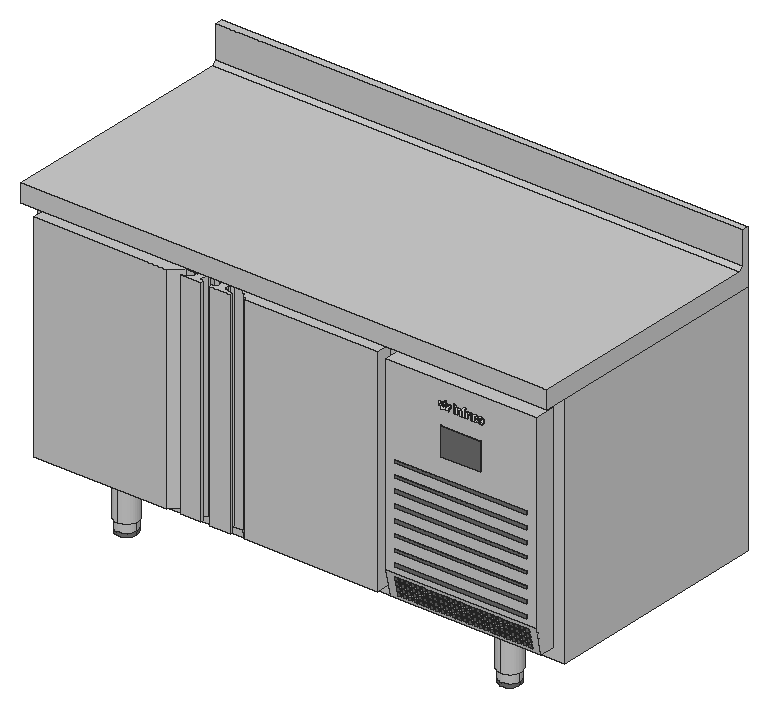
Revit family "QF_INFRICO_BMGN1470II_250808103032", category Specialty Equipment, Revit 2021
Family settings
  Round Connector Dimension = Use Diameter
  Part Type = Normal
  OmniClass Number = 23.40.40.14
  OmniClass Title = Food Service Equipment
  Work Plane-Based = No
  Always vertical = Yes
  Cut with Voids When Loaded = No
  Shared = No
  Room Calculation Point = No
Parameters (values of type "BMGN1470II-R290")
  Weight [instance] = 134.00 kg
  Waste Water Discharge Temperature [instance] = 0 °C
  Waste Remarks [instance] = ""
  Warranty Start Date [instance] = ""
  Warranty Duration [instance] = ""
  Volts [instance] = 230 V
  Volt Free Conn [instance] = no
  URL Recommended Spares List [instance] = ""
  URL Manufacturer [instance] = ""
  URL Cutsheet [instance] = ""
  URL Critical Spares List [instance] = ""
  URL = "www.infrico.com"
  Technical Documentation [instance] = ""
  Tag Number [instance] = ""
  Status [instance] = ""
  Start Up Current [instance] = 0 A
  Specification by User [instance] = ""
  Specification by Manufacturer [instance] = ""
  Sound Level [instance] = ""
  Show Logo [instance] = yes
  Show Clearances [instance] = yes
  Service Life Duration [instance] = ""
  Serial Number [instance] = ""
  Seismic Rating [instance] = ""
  SMACNA No [instance] = ""
  Revision Code [instance] = ""
  Revision [instance] = ""
  Production Year [instance] = ""
  Potential Equalisation [instance] = no
  Point Load [instance] = 0
  Plumbing Connection Type [instance] = ""
  Phase [instance] = 1
  Other Equipment Approvals [instance] = ""
  Operational Current [instance] = 0 A
  Number of Poles [instance] = 2
  No Load Power Draw [instance] = no
  NAFEM Spec ID Number [instance] = ""
  Model Warning [instance] = ""
  Model = "BMGN1470II"
  Min Ckt Ampacity [instance] = 0 A
  Max Overcurrent Protection [instance] = 0 A
  Masterspec [instance] = ""
  Manufacturer = "INFRICO"
  Main switch integrated [instance] = no
  Length Actual [instance] = 1468.12 mm
  Item Number [instance] = ""
  Installed By [instance] = ""
  Installation Date [instance] = ""
  Indirect Waste Size [instance] = 19.05 mm
  Indirect Waste Remarks [instance] = ""
  Indirect Waste Flow [instance] = 0.0 L/s
  Indirect Waste Connection Type [instance] = ""
  Indirect Waste Connection Height [instance] = 0 mm
  Identify Quantity as Lot [instance] = no
  ID [instance] = ""
  Hygiene Approval [instance] = ""
  Height Actual [instance] = 849.884 mm
  HP power [instance] = ""
  Furnished By [instance] = ""
  Foodservice Equipment Identifier [instance] = no
  FL Amps [instance] = 0 A
  Electrical Remarks [instance] = ""
  Electric power [instance] = 190 W
  Electric Connection Type [instance] = ""
  Elec Conn RI Height [instance] = 0 mm
  Elec Conn Connection Height [instance] = 0 mm
  ETL Approved [instance] = no
  Direct Waste Water Discharge Temperature [instance] = -273.15 °C
  Direct Waste Size [instance] = 19.05 mm
  Direct Waste RI Height [instance] = 0 mm
  Direct Waste Flow [instance] = 0.0 L/s
  Direct Waste Connection Height [instance] = 0 mm
  Description = "GN1/1 UNDERCOUNTER REFRIGERATOR 700 SERIES - R290 "
  Depth Actual [instance] = 700.024 mm
  Default Elevation = 0 mm
  Cycle [instance] = 50 Hz
  Cost = 0
  Connection to energy optimisation system [instance] = yes
  Conn Plug [instance] = ""
  Conn Conduit [instance] = no
  Centralized building control system with digital interface [instance] = ""
  CSI MasterFormat [instance] = ""
  CE Approved [instance] = no
  Barcode [instance] = 0
  Author [instance] = ""
  Asset Identifier [instance] = ""
  Apparent Power [instance] = 190 VA
  Accessory [instance] = no
Reference planes
  plane 1 "Center (Front/Back)": y = 0
  plane 2: z = 0
  plane 3 "Center (Left/Right)": x = 0
Forms (mm)
  Extrusion 1, solid, not visible
    sketch origin (540.026, -112.005, 142.007) x (1, 0, 0) y (0, 1, 0)
      loop
        line (-2, 2) -> (-2, -2) -> (2, -2) -> (2, 2) -> (-2, 2)
    from -2 to 2
  Extrusion 2, solid, not visible
    sketch origin (1406.569, -61.503, 142.007) x (1, 0, 0) y (0, 1, 0)
      loop
        line (-2, 2) -> (-2, -2) -> (2, -2) -> (2, 2) -> (-2, 2)
    from -2 to 2
Dimensions and locks
  locked: nested 2 to Extrusion 1 at 2  (x2)
  locked: nested 3 to Extrusion 2 at 2  (x2)
  aligned and locked: level to plane 2
Nested families
  nested 1: "QF_INFRICO_BMGN1470_2920" at (0, 0, 140), type "BMGN1470II-R290"
    with Weight 134.00 kg, Warranty Start Date "", Warranty Duration "", URL Cutsheet "", Technical Documentation "", Tag Number "", Status "", Specification by User "", Specification by Manufacturer "", Sound Level "", Solid Fuel Type "", Show Logo yes, Show Clearances yes, Show Clearance yes, Service Life Duration "", Serial Number "", Seismic Rating "", SMACNA No "", Revision Code "", Revision "", Production Year "", Point Load 0, Other Equipment Approvals "", NAFEM Spec ID Number "", Model Warning "", Masterspec "", Length Actual 1468.12 mm, Item Number "", Installed By "", Installation Date "", Identify Quantity as Lot yes, ID "", Hygiene Approval "", Height Actual 849.884 mm, Furnished By "", Foodservice Equipment Identifier yes, ETL Approved yes, Depth Actual 700.024 mm, CSI MasterFormat "", CE Approved no, Barcode "", Author "", Asset Identifier "", Accessory no
  nested 2: "CONN_POINT_DRAIN_2D___Generic_Annotation" at (540.026, -112.005, 140.007), type "CONN_POINT_DRAIN_2D___Generic_Annotation"
    with Onboard connection annotation symbol visibility yes
  nested 3: "CONN_POINT_ELE_2D___Generic_Annotation" at (1406.569, -61.503, 140.007), type "CONN_POINT_ELE_2D___Generic_Annotation"
    with Onboard connection annotation symbol visibility yes
  nested 4: "QF_INFRICO_BMGN_DOOR_SX_4846" at (22, -638, 168), type "BMGN_DOOR_SX"
    with Weight 0.00 kg, Warranty Start Date "", Warranty Duration "", URL Cutsheet "", Technical Documentation "", Tag Number "", Status "", Specification by User "", Specification by Manufacturer "", Sound Level "", Solid Fuel Type "", Show Logo yes, Show Clearances yes, Show Clearance yes, Service Life Duration "", Serial Number "", Seismic Rating "", SMACNA No "", Revision Code "", Revision "", Production Year "", Point Load 0, Other Equipment Approvals "", NAFEM Spec ID Number "", Model Warning "", Masterspec "", Length Actual 467.106 mm, Item Number "", Installed By "", Installation Date "", Identify Quantity as Lot yes, ID "", Hygiene Approval "", Height Actual 596.9 mm, Furnished By "", Foodservice Equipment Identifier yes, ETL Approved yes, Depth Actual 54.102 mm, CSI MasterFormat "", CE Approved no, Barcode "", Author "", Asset Identifier "", Accessory yes
  nested 5: "QF_INFRICO_BMGN_DOOR_DX_5627" at (514, -638, 168), type "BMGN_DOOR_DX"
    with Weight 0.00 kg, Warranty Start Date "", Warranty Duration "", URL Cutsheet "", Technical Documentation "", Tag Number "", Status "", Specification by User "", Specification by Manufacturer "", Sound Level "", Solid Fuel Type "", Show Logo yes, Show Clearances yes, Show Clearance yes, Service Life Duration "", Serial Number "", Seismic Rating "", SMACNA No "", Revision Code "", Revision "", Production Year "", Point Load 0, Other Equipment Approvals "", NAFEM Spec ID Number "", Model Warning "", Masterspec "", Length Actual 467.106 mm, Item Number "", Installed By "", Installation Date "", Identify Quantity as Lot yes, ID "", Hygiene Approval "", Height Actual 596.9 mm, Furnished By "", Foodservice Equipment Identifier yes, ETL Approved yes, Depth Actual 54.102 mm, CSI MasterFormat "", CE Approved no, Barcode "", Author "", Asset Identifier "", Accessory yes
  nested 6: "QF_INFRICO_WORKTOP_BACKSPLASH_6404" at (0, 0, 800), type "ENC12CPGN14"
    with Weight 0.00 kg, Warranty Start Date "", Warranty Duration "", URL Cutsheet "", Technical Documentation "", Tag Number "", Status "", Specification by User "", Specification by Manufacturer "", Sound Level "", Solid Fuel Type "", Show Logo yes, Show Clearances yes, Show Clearance yes, Service Life Duration "", Serial Number "", Seismic Rating "", SMACNA No "", Revision Code "", Revision "", Production Year "", Point Load 0, Other Equipment Approvals "", NAFEM Spec ID Number "", Model Warning "", Masterspec "", Length Actual 1468.12 mm, Item Number "", Installed By "", Installation Date "", Identify Quantity as Lot yes, ID "", Hygiene Approval "", Height Actual 150.114 mm, Furnished By "", Foodservice Equipment Identifier yes, ETL Approved yes, Depth Actual 700.024 mm, CSI MasterFormat "", CE Approved no, Barcode "", Author "", Asset Identifier "", Accessory yes
  nested 7: "QF_INFRICO_LEGS_7240" at (0, 0, 0), type "LEGS_1470_700"
    with Weight 0.00 kg, Warranty Start Date "", Warranty Duration "", URL Cutsheet "", Technical Documentation "", Tag Number "", Status "", Specification by User "", Specification by Manufacturer "", Sound Level "", Solid Fuel Type "", Show Logo yes, Show Clearances yes, Show Clearance yes, Service Life Duration "", Serial Number "", Seismic Rating "", SMACNA No "", Revision Code "", Revision "", Production Year "", Point Load 0, Other Equipment Approvals "", NAFEM Spec ID Number "", Model Warning "", Masterspec "", Length Actual 1468.12 mm, Item Number "", Installed By "", Installation Date "", Identify Quantity as Lot yes, ID "", Hygiene Approval "", Height Actual 139.954 mm, Furnished By "", Foodservice Equipment Identifier yes, ETL Approved yes, Depth Actual 700.024 mm, CSI MasterFormat "", CE Approved no, Barcode "", Author "", Asset Identifier "", Accessory yes
Connectors
  piping at (540.026, -112.005, 140.007), diameter 19.05, driven by "Indirect Waste Size", driven by "Direct Waste Flow"
    settings: on Extrusion 1, index 1, connector inside diameter 609.6 mm, connector length 0 mm, flow factor 0, pipe flow 0.0 L/s, pressure drop 0.0 Pa, fitting loss kfactor 0, connector angle 0.00°, fixture units 0, engagement length 0 mm, angle of deflection 0.00°, flow configuration 1, flow direction 2, fitting loss method 0, system type 16, joint type 0, gender type 0, connector reference index -1, connector utility 0, adjustable connector no, is connector primary yes, connector description "Waste connection for BMGN1470II"
  electrical at (1406.569, -61.503, 140.007), driven by "Apparent Power", driven by "Number of Poles", driven by "Volts"
    settings: on Extrusion 2, index 2, voltage 230 V, apparent load 0 VA, apparent load phase1 190 VA, apparent load phase2 0 VA, apparent load phase3 0 VA, power factor 1, load classification "Other", number of poles 2, system type 31, power factor state 1, is connector primary yes, connector utility no, sub classification motor no, connector description "Electrical connection for BMGN1470II"
Definition of nested family "QF_INFRICO_BMGN1470_2920"
  Parameters (values of type "BMGN1470BT")
    Weight [instance] = 0.00 kg
    Warranty Start Date [instance] = ""
    Warranty Duration [instance] = ""
    URL Cutsheet [instance] = ""
    URL = "www.infrico.com"
    Technical Documentation [instance] = ""
    Tag Number [instance] = ""
    Status [instance] = ""
    Specification by User [instance] = ""
    Specification by Manufacturer [instance] = ""
    Sound Level [instance] = ""
    Solid Fuel Type [instance] = ""
    Show Logo [instance] = yes
    Show Clearances [instance] = yes
    Show Clearance [instance] = yes
    Service Life Duration [instance] = ""
    Serial Number [instance] = ""
    Seismic Rating [instance] = ""
    SMACNA No [instance] = ""
    Revision Code [instance] = ""
    Revision [instance] = ""
    Production Year [instance] = ""
    Point Load [instance] = 0
    Other Equipment Approvals [instance] = ""
    NAFEM Spec ID Number [instance] = ""
    Model Warning [instance] = ""
    Model = "BMGN1470BT"
    Masterspec [instance] = ""
    Manufacturer = "INFRICO"
    Length Actual [instance] = 0 mm
    Item Number [instance] = ""
    Installed By [instance] = ""
    Installation Date [instance] = ""
    Identify Quantity as Lot [instance] = yes
    ID [instance] = ""
    Hygiene Approval [instance] = ""
    Height Actual [instance] = 0 mm
    Furnished By [instance] = ""
    Foodservice Equipment Identifier [instance] = yes
    ETL Approved [instance] = yes
    Description = "UNDERCOUNTER FREEZER GN1/1 SERIES 700 - R290"
    Depth Actual [instance] = 0 mm
    Default Elevation = 0 mm
    CSI MasterFormat [instance] = ""
    CE Approved [instance] = yes
    Barcode [instance] = ""
    Author [instance] = ""
    Asset Identifier [instance] = ""
    Assembly Code = "E1090320"
    Accessory [instance] = yes
  Types (7, lengths in mm): name | Model | Description
    BMGN1470II | "BMGN1470II" | "GN1/1 UNDERCOUNTER REFRIGERATOR 700 SERIES - R134A"
    BMGN1470BT | "BMGN1470BT" | "UNDERCOUNTER FREEZER GN1/1 SERIES 700 - R290"
    BMGN1470CR | "BMGN1470CR" | "GN1/1 GLASS DOOR UNDERCOUNTER REFRIGERATOR 700 SERIES - R134A"
    BMGN1470F | "BMGN1470F" | "GN1/1 SINK UNDERCOUNTER REFRIGERATOR 700 SERIES - R134A"
    BMGN1470II-R290 | "BMGN1470II" | "GN1/1 UNDERCOUNTER REFRIGERATOR 700 SERIES - R290"
    BMGN1470CR-R290 | "BMGN1470CR" | "GN1/1 GLASS DOOR UNDERCOUNTER REFRIGERATOR 700 SERIES - R290"
    BMGN1470F-R290 | "BMGN1470F" | "GN1/1 SINK UNDERCOUNTER REFRIGERATOR 700 SERIES - R290"
  Reference planes
    plane 1 "Back": y = 0
    plane 2: z = 0
    plane 3 "Left": x = 0
    plane 4 "Right": x = 1468
    plane 5 "Front": y = -700
    plane 6 "Top": z = 660
  Forms (mm)
    Extrusion 1, solid
      sketch origin (0, 0, -140) x (0, 1, 0) y (0, 0, 1)
        loop
          line (-638.02, 765.292) -> (-695.03, 765.292) -> (-695.03, 238.436) -> (-678.769, 168) -> (-638.02, 168) -> (-638.02, 765.292)
      from 1013.993 to 1433.993
    Extrusion 2, solid
      sketch origin (-2000, -693.13, -140) x (1, 0, 0) y (0, 0, 1)
        loop
          line (3408.016, 523.949) -> (3040.73, 523.949) -> (3040.73, 514.949) -> (3408.016, 514.949) -> (3408.016, 523.949)
        loop
          line (3408.016, 486.949) -> (3040.73, 486.949) -> (3040.73, 477.949) -> (3408.016, 477.949) -> (3408.016, 486.949)
        loop
          line (3408.016, 449.949) -> (3040.73, 449.949) -> (3040.73, 440.949) -> (3408.016, 440.949) -> (3408.016, 449.949)
        loop
          line (3408.016, 412.949) -> (3040.73, 412.949) -> (3040.73, 403.949) -> (3408.016, 403.949) -> (3408.016, 412.949)
        loop
          line (3408.016, 375.949) -> (3040.73, 375.949) -> (3040.73, 366.949) -> (3408.016, 366.949) -> (3408.016, 375.949)
        loop
          line (3408.016, 338.949) -> (3040.73, 338.949) -> (3040.73, 329.949) -> (3408.016, 329.949) -> (3408.016, 338.949)
        loop
          line (3408.016, 301.949) -> (3040.73, 301.949) -> (3040.73, 292.949) -> (3408.016, 292.949) -> (3408.016, 301.949)
        loop
          line (3408.016, 264.949) -> (3040.73, 264.949) -> (3040.73, 255.949) -> (3408.016, 255.949) -> (3408.016, 264.949)
      from 0 to 2
    Extrusion 3, solid
      sketch origin (-2000, -639.263, -134.673) x (1, 0, 0) y (0, -0.224951, 0.97437)
        loop
          line (3036.73, 215.974) -> (3036.73, 205.974) -> (3046.73, 205.974) -> (3046.73, 215.974) -> (3036.73, 215.974)
        loop
          line (3036.73, 230.769) -> (3036.73, 220.769) -> (3046.73, 220.769) -> (3046.73, 230.769) -> (3036.73, 230.769)
        loop
          line (3036.73, 186.385) -> (3036.73, 176.385) -> (3046.73, 176.385) -> (3046.73, 186.385) -> (3036.73, 186.385)
        loop
          line (3036.73, 201.179) -> (3036.73, 191.179) -> (3046.73, 191.179) -> (3046.73, 201.179) -> (3036.73, 201.179)
        loop
          line (3051.938, 215.974) -> (3051.938, 205.974) -> (3061.938, 205.974) -> (3061.938, 215.974) -> (3051.938, 215.974)
        loop
          line (3051.938, 230.769) -> (3051.938, 220.769) -> (3061.938, 220.769) -> (3061.938, 230.769) -> (3051.938, 230.769)
        loop
          line (3051.938, 186.385) -> (3051.938, 176.385) -> (3061.938, 176.385) -> (3061.938, 186.385) -> (3051.938, 186.385)
        loop
          line (3051.938, 201.179) -> (3051.938, 191.179) -> (3061.938, 191.179) -> (3061.938, 201.179) -> (3051.938, 201.179)
        loop
          line (3067.147, 215.974) -> (3067.147, 205.974) -> (3077.147, 205.974) -> (3077.147, 215.974) -> (3067.147, 215.974)
        loop
          line (3067.147, 230.769) -> (3067.147, 220.769) -> (3077.147, 220.769) -> (3077.147, 230.769) -> (3067.147, 230.769)
        loop
          line (3067.147, 186.385) -> (3067.147, 176.385) -> (3077.147, 176.385) -> (3077.147, 186.385) -> (3067.147, 186.385)
        loop
          line (3067.147, 201.179) -> (3067.147, 191.179) -> (3077.147, 191.179) -> (3077.147, 201.179) -> (3067.147, 201.179)
        loop
          line (3082.355, 215.974) -> (3082.355, 205.974) -> (3092.355, 205.974) -> (3092.355, 215.974) -> (3082.355, 215.974)
        loop
          line (3082.355, 230.769) -> (3082.355, 220.769) -> (3092.355, 220.769) -> (3092.355, 230.769) -> (3082.355, 230.769)
        loop
          line (3082.355, 186.385) -> (3082.355, 176.385) -> (3092.355, 176.385) -> (3092.355, 186.385) -> (3082.355, 186.385)
        loop
          line (3082.355, 201.179) -> (3082.355, 191.179) -> (3092.355, 191.179) -> (3092.355, 201.179) -> (3082.355, 201.179)
        loop
          line (3097.563, 215.974) -> (3097.563, 205.974) -> (3107.563, 205.974) -> (3107.563, 215.974) -> (3097.563, 215.974)
        loop
          line (3097.563, 230.769) -> (3097.563, 220.769) -> (3107.563, 220.769) -> (3107.563, 230.769) -> (3097.563, 230.769)
        loop
          line (3097.563, 186.385) -> (3097.563, 176.385) -> (3107.563, 176.385) -> (3107.563, 186.385) -> (3097.563, 186.385)
        loop
          line (3097.563, 201.179) -> (3097.563, 191.179) -> (3107.563, 191.179) -> (3107.563, 201.179) -> (3097.563, 201.179)
        loop
          line (3112.772, 215.974) -> (3112.772, 205.974) -> (3122.772, 205.974) -> (3122.772, 215.974) -> (3112.772, 215.974)
        loop
          line (3112.772, 230.769) -> (3112.772, 220.769) -> (3122.772, 220.769) -> (3122.772, 230.769) -> (3112.772, 230.769)
        loop
          line (3112.772, 186.385) -> (3112.772, 176.385) -> (3122.772, 176.385) -> (3122.772, 186.385) -> (3112.772, 186.385)
        loop
          line (3112.772, 201.179) -> (3112.772, 191.179) -> (3122.772, 191.179) -> (3122.772, 201.179) -> (3112.772, 201.179)
        loop
          line (3127.98, 215.974) -> (3127.98, 205.974) -> (3137.98, 205.974) -> (3137.98, 215.974) -> (3127.98, 215.974)
        loop
          line (3127.98, 230.769) -> (3127.98, 220.769) -> (3137.98, 220.769) -> (3137.98, 230.769) -> (3127.98, 230.769)
        loop
          line (3127.98, 186.385) -> (3127.98, 176.385) -> (3137.98, 176.385) -> (3137.98, 186.385) -> (3127.98, 186.385)
        loop
          line (3127.98, 201.179) -> (3127.98, 191.179) -> (3137.98, 191.179) -> (3137.98, 201.179) -> (3127.98, 201.179)
        loop
          line (3143.188, 215.974) -> (3143.188, 205.974) -> (3153.188, 205.974) -> (3153.188, 215.974) -> (3143.188, 215.974)
        loop
          line (3143.188, 230.769) -> (3143.188, 220.769) -> (3153.188, 220.769) -> (3153.188, 230.769) -> (3143.188, 230.769)
        loop
          line (3143.188, 186.385) -> (3143.188, 176.385) -> (3153.188, 176.385) -> (3153.188, 186.385) -> (3143.188, 186.385)
        loop
          line (3143.188, 201.179) -> (3143.188, 191.179) -> (3153.188, 191.179) -> (3153.188, 201.179) -> (3143.188, 201.179)
        loop
          line (3158.397, 215.974) -> (3158.397, 205.974) -> (3168.397, 205.974) -> (3168.397, 215.974) -> (3158.397, 215.974)
        loop
          line (3158.397, 230.769) -> (3158.397, 220.769) -> (3168.397, 220.769) -> (3168.397, 230.769) -> (3158.397, 230.769)
        loop
          line (3158.397, 186.385) -> (3158.397, 176.385) -> (3168.397, 176.385) -> (3168.397, 186.385) -> (3158.397, 186.385)
        loop
          line (3158.397, 201.179) -> (3158.397, 191.179) -> (3168.397, 191.179) -> (3168.397, 201.179) -> (3158.397, 201.179)
        loop
          line (3173.605, 215.974) -> (3173.605, 205.974) -> (3183.605, 205.974) -> (3183.605, 215.974) -> (3173.605, 215.974)
        loop
          line (3173.605, 230.769) -> (3173.605, 220.769) -> (3183.605, 220.769) -> (3183.605, 230.769) -> (3173.605, 230.769)
        loop
          line (3173.605, 186.385) -> (3173.605, 176.385) -> (3183.605, 176.385) -> (3183.605, 186.385) -> (3173.605, 186.385)
        loop
          line (3173.605, 201.179) -> (3173.605, 191.179) -> (3183.605, 191.179) -> (3183.605, 201.179) -> (3173.605, 201.179)
        loop
          line (3188.813, 215.974) -> (3188.813, 205.974) -> (3198.813, 205.974) -> (3198.813, 215.974) -> (3188.813, 215.974)
        loop
          line (3188.813, 230.769) -> (3188.813, 220.769) -> (3198.813, 220.769) -> (3198.813, 230.769) -> (3188.813, 230.769)
        loop
          line (3188.813, 186.385) -> (3188.813, 176.385) -> (3198.813, 176.385) -> (3198.813, 186.385) -> (3188.813, 186.385)
        loop
          line (3188.813, 201.179) -> (3188.813, 191.179) -> (3198.813, 191.179) -> (3198.813, 201.179) -> (3188.813, 201.179)
        loop
          line (3204.022, 215.974) -> (3204.022, 205.974) -> (3214.022, 205.974) -> (3214.022, 215.974) -> (3204.022, 215.974)
        loop
          line (3204.022, 230.769) -> (3204.022, 220.769) -> (3214.022, 220.769) -> (3214.022, 230.769) -> (3204.022, 230.769)
        loop
          line (3204.022, 186.385) -> (3204.022, 176.385) -> (3214.022, 176.385) -> (3214.022, 186.385) -> (3204.022, 186.385)
        loop
          line (3204.022, 201.179) -> (3204.022, 191.179) -> (3214.022, 191.179) -> (3214.022, 201.179) -> (3204.022, 201.179)
        loop
          line (3219.23, 215.974) -> (3219.23, 205.974) -> (3229.23, 205.974) -> (3229.23, 215.974) -> (3219.23, 215.974)
        loop
          line (3219.23, 230.769) -> (3219.23, 220.769) -> (3229.23, 220.769) -> (3229.23, 230.769) -> (3219.23, 230.769)
        loop
          line (3219.23, 186.385) -> (3219.23, 176.385) -> (3229.23, 176.385) -> (3229.23, 186.385) -> (3219.23, 186.385)
        loop
          line (3219.23, 201.179) -> (3219.23, 191.179) -> (3229.23, 191.179) -> (3229.23, 201.179) -> (3219.23, 201.179)
        loop
          line (3234.438, 215.974) -> (3234.438, 205.974) -> (3244.438, 205.974) -> (3244.438, 215.974) -> (3234.438, 215.974)
        loop
          line (3234.438, 230.769) -> (3234.438, 220.769) -> (3244.438, 220.769) -> (3244.438, 230.769) -> (3234.438, 230.769)
        loop
          line (3234.438, 186.385) -> (3234.438, 176.385) -> (3244.438, 176.385) -> (3244.438, 186.385) -> (3234.438, 186.385)
        loop
          line (3234.438, 201.179) -> (3234.438, 191.179) -> (3244.438, 191.179) -> (3244.438, 201.179) -> (3234.438, 201.179)
        loop
          line (3249.647, 215.974) -> (3249.647, 205.974) -> (3259.647, 205.974) -> (3259.647, 215.974) -> (3249.647, 215.974)
        loop
          line (3249.647, 230.769) -> (3249.647, 220.769) -> (3259.647, 220.769) -> (3259.647, 230.769) -> (3249.647, 230.769)
        loop
          line (3249.647, 186.385) -> (3249.647, 176.385) -> (3259.647, 176.385) -> (3259.647, 186.385) -> (3249.647, 186.385)
        loop
          line (3249.647, 201.179) -> (3249.647, 191.179) -> (3259.647, 191.179) -> (3259.647, 201.179) -> (3249.647, 201.179)
        loop
          line (3264.855, 215.974) -> (3264.855, 205.974) -> (3274.855, 205.974) -> (3274.855, 215.974) -> (3264.855, 215.974)
        loop
          line (3264.855, 230.769) -> (3264.855, 220.769) -> (3274.855, 220.769) -> (3274.855, 230.769) -> (3264.855, 230.769)
        loop
          line (3264.855, 186.385) -> (3264.855, 176.385) -> (3274.855, 176.385) -> (3274.855, 186.385) -> (3264.855, 186.385)
        loop
          line (3264.855, 201.179) -> (3264.855, 191.179) -> (3274.855, 191.179) -> (3274.855, 201.179) -> (3264.855, 201.179)
        loop
          line (3280.063, 215.974) -> (3280.063, 205.974) -> (3290.063, 205.974) -> (3290.063, 215.974) -> (3280.063, 215.974)
        loop
          line (3280.063, 230.769) -> (3280.063, 220.769) -> (3290.063, 220.769) -> (3290.063, 230.769) -> (3280.063, 230.769)
        loop
          line (3280.063, 186.385) -> (3280.063, 176.385) -> (3290.063, 176.385) -> (3290.063, 186.385) -> (3280.063, 186.385)
        loop
          line (3280.063, 201.179) -> (3280.063, 191.179) -> (3290.063, 191.179) -> (3290.063, 201.179) -> (3280.063, 201.179)
        loop
          line (3295.272, 215.974) -> (3295.272, 205.974) -> (3305.272, 205.974) -> (3305.272, 215.974) -> (3295.272, 215.974)
        loop
          line (3295.272, 230.769) -> (3295.272, 220.769) -> (3305.272, 220.769) -> (3305.272, 230.769) -> (3295.272, 230.769)
        loop
          line (3295.272, 186.385) -> (3295.272, 176.385) -> (3305.272, 176.385) -> (3305.272, 186.385) -> (3295.272, 186.385)
        loop
          line (3295.272, 201.179) -> (3295.272, 191.179) -> (3305.272, 191.179) -> (3305.272, 201.179) -> (3295.272, 201.179)
        loop
          line (3310.48, 215.974) -> (3310.48, 205.974) -> (3320.48, 205.974) -> (3320.48, 215.974) -> (3310.48, 215.974)
        loop
          line (3310.48, 230.769) -> (3310.48, 220.769) -> (3320.48, 220.769) -> (3320.48, 230.769) -> (3310.48, 230.769)
        loop
          line (3310.48, 186.385) -> (3310.48, 176.385) -> (3320.48, 176.385) -> (3320.48, 186.385) -> (3310.48, 186.385)
        loop
          line (3310.48, 201.179) -> (3310.48, 191.179) -> (3320.48, 191.179) -> (3320.48, 201.179) -> (3310.48, 201.179)
        loop
          line (3325.688, 215.974) -> (3325.688, 205.974) -> (3335.688, 205.974) -> (3335.688, 215.974) -> (3325.688, 215.974)
        loop
          line (3325.688, 230.769) -> (3325.688, 220.769) -> (3335.688, 220.769) -> (3335.688, 230.769) -> (3325.688, 230.769)
        loop
          line (3325.688, 186.385) -> (3325.688, 176.385) -> (3335.688, 176.385) -> (3335.688, 186.385) -> (3325.688, 186.385)
        loop
          line (3325.688, 201.179) -> (3325.688, 191.179) -> (3335.688, 191.179) -> (3335.688, 201.179) -> (3325.688, 201.179)
        loop
          line (3340.897, 215.974) -> (3340.897, 205.974) -> (3350.897, 205.974) -> (3350.897, 215.974) -> (3340.897, 215.974)
        loop
          line (3340.897, 230.769) -> (3340.897, 220.769) -> (3350.897, 220.769) -> (3350.897, 230.769) -> (3340.897, 230.769)
        loop
          line (3340.897, 186.385) -> (3340.897, 176.385) -> (3350.897, 176.385) -> (3350.897, 186.385) -> (3340.897, 186.385)
        loop
          line (3340.897, 201.179) -> (3340.897, 191.179) -> (3350.897, 191.179) -> (3350.897, 201.179) -> (3340.897, 201.179)
        loop
          line (3356.105, 215.974) -> (3356.105, 205.974) -> (3366.105, 205.974) -> (3366.105, 215.974) -> (3356.105, 215.974)
        loop
          line (3356.105, 230.769) -> (3356.105, 220.769) -> (3366.105, 220.769) -> (3366.105, 230.769) -> (3356.105, 230.769)
        loop
          line (3356.105, 186.385) -> (3356.105, 176.385) -> (3366.105, 176.385) -> (3366.105, 186.385) -> (3356.105, 186.385)
        loop
          line (3356.105, 201.179) -> (3356.105, 191.179) -> (3366.105, 191.179) -> (3366.105, 201.179) -> (3356.105, 201.179)
        loop
          line (3371.313, 215.974) -> (3371.313, 205.974) -> (3381.313, 205.974) -> (3381.313, 215.974) -> (3371.313, 215.974)
        loop
          line (3371.313, 230.769) -> (3371.313, 220.769) -> (3381.313, 220.769) -> (3381.313, 230.769) -> (3371.313, 230.769)
        loop
          line (3371.313, 186.385) -> (3371.313, 176.385) -> (3381.313, 176.385) -> (3381.313, 186.385) -> (3371.313, 186.385)
        loop
          line (3371.313, 201.179) -> (3371.313, 191.179) -> (3381.313, 191.179) -> (3381.313, 201.179) -> (3371.313, 201.179)
        loop
          line (3386.522, 215.974) -> (3386.522, 205.974) -> (3396.522, 205.974) -> (3396.522, 215.974) -> (3386.522, 215.974)
        loop
          line (3386.522, 230.769) -> (3386.522, 220.769) -> (3396.522, 220.769) -> (3396.522, 230.769) -> (3386.522, 230.769)
        loop
          line (3386.522, 186.385) -> (3386.522, 176.385) -> (3396.522, 176.385) -> (3396.522, 186.385) -> (3386.522, 186.385)
        loop
          line (3386.522, 201.179) -> (3386.522, 191.179) -> (3396.522, 191.179) -> (3396.522, 201.179) -> (3386.522, 201.179)
        loop
          line (3401.73, 215.974) -> (3401.73, 205.974) -> (3411.73, 205.974) -> (3411.73, 215.974) -> (3401.73, 215.974)
        loop
          line (3401.73, 230.769) -> (3401.73, 220.769) -> (3411.73, 220.769) -> (3411.73, 230.769) -> (3401.73, 230.769)
        loop
          line (3401.73, 186.385) -> (3401.73, 176.385) -> (3411.73, 176.385) -> (3411.73, 186.385) -> (3401.73, 186.385)
        loop
          line (3401.73, 201.179) -> (3401.73, 191.179) -> (3411.73, 191.179) -> (3411.73, 201.179) -> (3401.73, 201.179)
      from 0 to 2
    Extrusion 4, solid, visible <- "Show Logo"
      sketch origin (-0.986, -693.13, -140) x (1, 0, 0) y (0, 0, 1)
        loop
          line (1208.799, 696.53) -> (1208.799, 719.204) -> (1204.173, 719.204) -> (1204.173, 696.53) -> (1208.799, 696.53)
        loop
          line (1214.779, 713.006) -> (1211.283, 713.006) -> (1211.283, 696.53) -> (1215.772, 696.53) -> (1215.772, 707.832)
          arc (1215.772, 707.832) -> (1217.528, 708.741) -> (1219.417, 709.324) r 11.052
          arc (1219.417, 709.324) -> (1220.929, 708.961) -> (1221.598, 707.557) r 1.806
          line (1221.598, 707.557) -> (1221.598, 696.53) -> (1226.121, 696.53) -> (1226.121, 708.689)
          arc (1226.121, 708.689) -> (1224.637, 712.075) -> (1221.141, 713.281) r 4.607
          arc (1221.141, 713.281) -> (1218.282, 712.674) -> (1215.669, 711.361) r 11.435
          line (1215.669, 711.361) -> (1215.601, 712.184)
          arc (1215.601, 712.184) -> (1215.36, 712.765) -> (1214.779, 713.006) r 0.822
        loop
          line (1238.557, 720.102) -> (1237.306, 720.102)
          arc (1237.306, 720.102) -> (1235.052, 719.926) -> (1232.881, 719.297) r 11.103
          arc (1232.881, 719.297) -> (1230.805, 717.616) -> (1230.024, 715.062) r 4.567
          line (1230.024, 715.062) -> (1230.024, 712.909) -> (1227.351, 712.703) -> (1227.351, 709.374) -> (1230.024, 709.374) -> (1230.024, 696.53) -> (1234.547, 696.53) -> (1234.547, 709.374) -> (1238.249, 709.374) -> (1238.249, 712.938) -> (1234.547, 712.938) -> (1234.547, 714.548)
          arc (1234.547, 714.548) -> (1234.956, 715.705) -> (1236.045, 716.271) r 1.67
          line (1236.045, 716.271) -> (1237.7, 716.399)
          arc (1237.7, 716.399) -> (1238.306, 716.65) -> (1238.557, 717.255) r 0.857
          line (1238.557, 717.255) -> (1238.557, 720.102)
        loop
          line (1239.479, 713.006) -> (1239.479, 696.53) -> (1243.968, 696.53) -> (1243.968, 707.352)
          arc (1243.968, 707.352) -> (1245.873, 708.631) -> (1248.077, 709.268) r 7.435
          line (1248.077, 709.268) -> (1249.241, 709.416)
          arc (1249.241, 709.416) -> (1249.643, 709.758) -> (1249.793, 710.265) r 0.928
          line (1249.793, 710.265) -> (1249.793, 712.458)
          arc (1249.793, 712.458) -> (1249.531, 713.061) -> (1248.912, 713.28) r 0.824
          arc (1248.912, 713.28) -> (1246.197, 712.588) -> (1243.899, 710.984) r 7.833
          line (1243.899, 710.984) -> (1243.726, 713.006) -> (1239.479, 713.006)
        loop
          line (1255.495, 696.53) -> (1255.495, 713.006) -> (1251.006, 713.006) -> (1251.006, 696.53) -> (1255.495, 696.53)
        loop
          arc (1257.421, 701.327) -> (1258.567, 698.188) -> (1261.466, 696.525) r 4.873
          arc (1261.466, 696.525) -> (1264.493, 696.266) -> (1267.521, 696.525) r 17.816
          arc (1267.521, 696.525) -> (1270.575, 699.134) -> (1271.505, 703.041) r 6.481
          line (1271.505, 703.041) -> (1267.187, 703.041) -> (1267.187, 701.67)
          arc (1267.187, 701.67) -> (1266.64, 700.452) -> (1265.442, 699.865) r 1.965
          arc (1265.442, 699.865) -> (1264.547, 699.816) -> (1263.653, 699.865) r 8.196
          arc (1263.653, 699.865) -> (1262.417, 700.415) -> (1261.91, 701.67) r 1.806
          line (1261.91, 701.67) -> (1261.91, 707.9)
          arc (1261.91, 707.9) -> (1262.417, 709.155) -> (1263.653, 709.705) r 1.806
          arc (1263.653, 709.705) -> (1264.547, 709.754) -> (1265.442, 709.705) r 8.196
          arc (1265.442, 709.705) -> (1266.64, 709.118) -> (1267.187, 707.9) r 1.965
          line (1267.187, 707.9) -> (1267.187, 706.838) -> (1271.505, 706.838)
          arc (1271.505, 706.838) -> (1270.524, 710.556) -> (1267.521, 712.959) r 6.132
          arc (1267.521, 712.959) -> (1264.493, 713.294) -> (1261.466, 712.959) r 13.851
          arc (1261.466, 712.959) -> (1258.571, 711.349) -> (1257.421, 708.243) r 4.772
          line (1257.421, 708.243) -> (1257.421, 701.327)
        loop
          arc (1272.916, 701.329) -> (1273.993, 698.345) -> (1276.726, 696.734) r 4.676
          arc (1276.726, 696.734) -> (1278.515, 696.455) -> (1280.318, 696.291) r 28.371
          arc (1280.318, 696.291) -> (1282.122, 696.455) -> (1283.911, 696.734) r 28.371
          arc (1283.911, 696.734) -> (1286.644, 698.345) -> (1287.72, 701.329) r 4.676
          line (1287.72, 701.329) -> (1287.72, 708.242)
          arc (1287.72, 708.242) -> (1286.644, 711.226) -> (1283.911, 712.837) r 4.676
          arc (1283.911, 712.837) -> (1282.122, 713.116) -> (1280.318, 713.28) r 28.371
          arc (1280.318, 713.28) -> (1278.515, 713.116) -> (1276.726, 712.837) r 28.371
          arc (1276.726, 712.837) -> (1273.993, 711.226) -> (1272.916, 708.242) r 4.676
          line (1272.916, 708.242) -> (1272.916, 701.329)
        loop
          line (1277.405, 707.866) -> (1277.405, 701.705)
          arc (1277.405, 701.705) -> (1277.844, 700.556) -> (1278.936, 699.991) r 1.725
          arc (1278.936, 699.991) -> (1279.627, 699.918) -> (1280.318, 699.856) r 46.133
          arc (1280.318, 699.856) -> (1281.01, 699.918) -> (1281.701, 699.991) r 46.133
          arc (1281.701, 699.991) -> (1282.793, 700.556) -> (1283.231, 701.705) r 1.725
          line (1283.231, 701.705) -> (1283.231, 707.866)
          arc (1283.231, 707.866) -> (1282.793, 709.015) -> (1281.701, 709.58) r 1.725
          arc (1281.701, 709.58) -> (1281.01, 709.653) -> (1280.318, 709.716) r 46.133
          arc (1280.318, 709.716) -> (1279.627, 709.653) -> (1278.936, 709.58) r 46.133
          arc (1278.936, 709.58) -> (1277.844, 709.015) -> (1277.405, 707.866) r 1.725
        loop
          arc (1190.339, 696.543) -> (1191.411, 696.987) -> (1191.856, 698.059) r 1.516
          line (1191.856, 698.059) -> (1191.856, 703.891) -> (1196.035, 703.891)
          arc (1196.035, 703.891) -> (1196.79, 704.121) -> (1197.218, 704.782) r 1.147
          line (1197.218, 704.782) -> (1197.218, 706.211)
          arc (1197.218, 706.211) -> (1196.787, 707.258) -> (1195.719, 707.634) r 1.385
          line (1195.719, 707.634) -> (1194.52, 707.634) -> (1197.218, 710.332)
          arc (1197.218, 710.332) -> (1197.605, 711.266) -> (1197.218, 712.2) r 1.321
          line (1197.218, 712.2) -> (1196.495, 712.923)
          arc (1196.495, 712.923) -> (1195.54, 713.338) -> (1194.558, 712.991) r 1.422
          line (1194.558, 712.991) -> (1191.853, 710.286) -> (1191.853, 711.479)
          arc (1191.853, 711.479) -> (1191.443, 712.516) -> (1190.435, 712.992) r 1.516
          line (1190.435, 712.992) -> (1189.514, 712.992)
          arc (1189.514, 712.992) -> (1188.511, 712.514) -> (1188.103, 711.479) r 1.516
          line (1188.103, 711.479) -> (1188.103, 706.83) -> (1182.073, 701.336) -> (1182.073, 707.509) -> (1185.639, 711.075)
          arc (1185.639, 711.075) -> (1186.053, 712.073) -> (1185.639, 713.071) r 1.412
          line (1185.639, 713.071) -> (1184.987, 713.723)
          arc (1184.987, 713.723) -> (1183.939, 714.141) -> (1182.915, 713.667) r 1.428
          line (1182.915, 713.667) -> (1182.073, 712.825) -> (1182.073, 717.784)
          arc (1182.073, 717.784) -> (1181.658, 718.787) -> (1180.655, 719.203) r 1.418
          line (1180.655, 719.203) -> (1179.726, 719.203)
          arc (1179.726, 719.203) -> (1178.723, 718.787) -> (1178.308, 717.784) r 1.418
          line (1178.308, 717.784) -> (1178.308, 712.825) -> (1177.466, 713.667)
          arc (1177.466, 713.667) -> (1176.442, 714.141) -> (1175.394, 713.723) r 1.428
          line (1175.394, 713.723) -> (1174.742, 713.071)
          arc (1174.742, 713.071) -> (1174.328, 712.073) -> (1174.742, 711.075) r 1.412
          line (1174.742, 711.075) -> (1178.308, 707.509) -> (1178.308, 701.336) -> (1172.278, 706.83) -> (1172.278, 711.479)
          arc (1172.278, 711.479) -> (1171.87, 712.514) -> (1170.867, 712.992) r 1.516
          line (1170.867, 712.992) -> (1169.946, 712.992)
          arc (1169.946, 712.992) -> (1168.938, 712.516) -> (1168.528, 711.479) r 1.516
          line (1168.528, 711.479) -> (1168.528, 710.286) -> (1165.823, 712.991)
          arc (1165.823, 712.991) -> (1164.841, 713.338) -> (1163.886, 712.923) r 1.422
          line (1163.886, 712.923) -> (1163.163, 712.2)
          arc (1163.163, 712.2) -> (1162.776, 711.266) -> (1163.163, 710.332) r 1.321
          line (1163.163, 710.332) -> (1165.861, 707.634) -> (1164.662, 707.634)
          arc (1164.662, 707.634) -> (1163.594, 707.258) -> (1163.163, 706.211) r 1.385
          line (1163.163, 706.211) -> (1163.163, 704.782)
          arc (1163.163, 704.782) -> (1163.591, 704.121) -> (1164.346, 703.891) r 1.147
          line (1164.346, 703.891) -> (1168.525, 703.891) -> (1168.525, 698.059)
          arc (1168.525, 698.059) -> (1168.969, 696.987) -> (1170.042, 696.543) r 1.516
          line (1170.042, 696.543) -> (1190.339, 696.543)
      from 0 to 2
    Extrusion 5, solid
      sketch origin (-0.986, 0, -140) x (1, 0, 0) y (0, 0, 1)
        loop
          line (1169.616, 654.3) -> (1169.616, 577.9) -> (1281.216, 577.9) -> (1281.216, 654.3) -> (1169.616, 654.3)
      from 695.03 to 698.23
    Extrusion 6, solid
      sketch origin (866.5, 58.5, 0) x (1, 0, 0) y (0, 1, 0)
        loop
          circle (540, -120) r 12.7
      from -5 to 0
    Extrusion 7, solid
      sketch origin (0, 0, 0) x (1, 0, 0) y (0, 1, 0)
        loop
          circle (540, -112) r 9.525
      from -5 to 0
    Extrusion 8, solid
      sketch origin (0, 0, 0) x (1, 0, 0) y (0, 1, 0)
        loop
          line (0, -638.02) -> (1468, -638.02) -> (1468, 0) -> (0, 0) -> (0, -638.02)
        loop
          line (60, -60) -> (60, -578.02) -> (1408, -578.02) -> (1408, -60) -> (60, -60)
      from 0 to 660
    Extrusion 9, solid
      sketch origin (0, 0, 0) x (1, 0, 0) y (0, 0, 1)
        loop
          line (60, 0) -> (1408, 0) -> (1408, 60) -> (60, 60) -> (60, 0)
      from 60 to 578.02
    Extrusion 10, void
      sketch origin (0, 0, 0) x (1, 0, 0) y (0, 0, 1)
        loop
          line (60, 600) -> (60, 60) -> (920, 60) -> (920, 600) -> (60, 600)
      from 60 to 638.02
    Extrusion 11, solid
      sketch origin (0, 0, 0) x (1, 0, 0) y (0, 1, 0)
        loop
          line (454, -638.02) -> (549, -638.02) -> (549, -628.02) -> (454, -628.02) -> (454, -638.02)
      from 60 to 600
  Cuts and joins
    Extrusion 10 cuts Extrusion 8
    Extrusion 10 cuts Extrusion 9
    joined: Extrusion 8, Extrusion 9
  Lines and regions (mm)
    symbolic lines, visible <- "Show Clearance"
      curve 1: line (1468, 0, 0) -> (0, 0, 0)
      curve 2: line (0, 0, 0) -> (0, -700, 0)
      curve 3: line (0, -700, 0) -> (1468, -700, 0)
      curve 4: line (1468, -700, 0) -> (1468, 0, 0)
  Dimensions and locks
    plane 4 "Right" to plane 3 "Left" = 1468 mm
    plane 6 "Top" to level = 660 mm
    plane 1 "Back" to plane 5 "Front" = 700 mm  (x2)
    plane 3 "Left" to plane 4 "Right" = 1468 mm
    aligned and locked: level to plane 2
  Connectors
    electrical at (1406.5, -61.5, -5)
      settings: on Extrusion 6, index 1, voltage 0 V, apparent load 0 VA, apparent load phase1 0 VA, apparent load phase2 0 VA, apparent load phase3 0 VA, power factor 1, load classification none, number of poles 1, system type 31, power factor state 1, is connector primary yes, connector utility no, sub classification motor no, connector description "Electrical collection"
    piping at (540, -112, -5), diameter 19.1
      settings: on Extrusion 7, index 2, connector inside diameter 609.6 mm, connector length 0 mm, flow factor 0, pipe flow 0.0 L/s, pressure drop 0.0 Pa, fitting loss kfactor 0, connector angle 0.00°, fixture units 0, engagement length 0 mm, angle of deflection 0.00°, flow configuration 1, flow direction 2, fitting loss method 0, system type 16, joint type 0, gender type 0, connector reference index -1, connector utility 0, adjustable connector no, is connector primary yes, connector description "Drain connection"
Definition of nested family "QF_INFRICO_BMGN_DOOR_SX_4846"
  Parameters (values of type "BMGN_DOOR_SX")
    Weight [instance] = 0.00 kg
    Warranty Start Date [instance] = ""
    Warranty Duration [instance] = ""
    URL Cutsheet [instance] = ""
    URL = "www.infrico.com"
    Technical Documentation [instance] = ""
    Tag Number [instance] = ""
    Status [instance] = ""
    Specification by User [instance] = ""
    Specification by Manufacturer [instance] = ""
    Sound Level [instance] = ""
    Solid Fuel Type [instance] = ""
    Show Logo [instance] = yes
    Show Clearances [instance] = yes
    Show Clearance [instance] = yes
    Service Life Duration [instance] = ""
    Serial Number [instance] = ""
    Seismic Rating [instance] = ""
    SMACNA No [instance] = ""
    Revision Code [instance] = ""
    Revision [instance] = ""
    Production Year [instance] = ""
    Point Load [instance] = 0
    Other Equipment Approvals [instance] = ""
    NAFEM Spec ID Number [instance] = ""
    Model Warning [instance] = ""
    Model = "BMGN_DOOR_SX"
    Masterspec [instance] = ""
    Manufacturer = "INFRICO"
    Length Actual [instance] = 0 mm
    Item Number [instance] = ""
    Installed By [instance] = ""
    Installation Date [instance] = ""
    Identify Quantity as Lot [instance] = yes
    ID [instance] = ""
    Hygiene Approval [instance] = ""
    Height Actual [instance] = 0 mm
    Furnished By [instance] = ""
    Foodservice Equipment Identifier [instance] = yes
    ETL Approved [instance] = yes
    Description = "LEFT DOOR"
    Depth Actual [instance] = 0 mm
    Default Elevation = 0 mm
    CSI MasterFormat [instance] = ""
    CE Approved [instance] = yes
    Barcode [instance] = ""
    Author [instance] = ""
    Asset Identifier [instance] = ""
    Assembly Code = "E1090320"
    Accessory [instance] = yes
  Reference planes
    plane 1 "Back": y = 0
    plane 2: z = 0
    plane 3 "Left": x = 0
    plane 4 "Right": x = 467
    plane 5 "Front": y = -44
    plane 6 "Top": z = 597
  Forms (mm)
    Extrusion 1, solid
      sketch origin (2981.326, 654.02, -168.61) x (-1, 0, 0) y (0, -1, 0)
        loop
          line (2610.426, 698.02) -> (2580.356, 667.95) -> (2557.604, 667.95) -> (2546.663, 670.881)
          arc (2546.663, 670.881) -> (2545.582, 671.631) -> (2545.222, 672.896) r 1.95
          line (2545.222, 672.896) -> (2545.566, 682.741)
          arc (2545.566, 682.741) -> (2545.774, 683.563) -> (2546.304, 684.224) r 2.001
          line (2546.304, 684.224) -> (2571.566, 694.947) -> (2571.566, 698.02) -> (2514.326, 698.02) -> (2514.326, 690.261) -> (2526.525, 683.218) -> (2521.592, 664.81) -> (2514.326, 664.81) -> (2514.326, 654.02) -> (2981.326, 654.02) -> (2981.326, 698.02) -> (2610.426, 698.02)
      from 168.61 to 765.61
    Extrusion 2, solid, visible <- "Show Clearance", detail levels coarse
      sketch origin (0, 0, 0) x (1, 0, 0) y (0, 1, 0)
        loop
          line (0, -44) -> (0, -467) -> (44, -467)
          arc (44, -467) -> (343.106, -343.106) -> (467, -44) r 423
          line (467, -44) -> (0, -44)
      from 0 to 597
  Lines and regions (mm)
    symbolic lines
      curve 1: arc (466.617, -62, 0) -> (336.673, -349.404, 0) -> (44, -467, 0) r 423
      curve 2: line (0, -467, 0) -> (0, -62, 0)
      curve 3: line (44, -467, 0) -> (0, -467, 0)
  Dimensions and locks
    plane 4 "Right" to plane 3 "Left" = 467 mm
    plane 6 "Top" to level = 597 mm  (x2)
    plane 1 "Back" to plane 5 "Front" = 44 mm  (x2)
    plane 3 "Left" to plane 4 "Right" = 467 mm
    aligned and locked: level to plane 2
Definition of nested family "QF_INFRICO_BMGN_DOOR_DX_5627"
  Parameters (values of type "BMGN_DOOR_DX")
    Weight [instance] = 0.00 kg
    Warranty Start Date [instance] = ""
    Warranty Duration [instance] = ""
    URL Cutsheet [instance] = ""
    URL = "www.infrico.com"
    Technical Documentation [instance] = ""
    Tag Number [instance] = ""
    Status [instance] = ""
    Specification by User [instance] = ""
    Specification by Manufacturer [instance] = ""
    Sound Level [instance] = ""
    Solid Fuel Type [instance] = ""
    Show Logo [instance] = yes
    Show Clearances [instance] = yes
    Show Clearance [instance] = yes
    Service Life Duration [instance] = ""
    Serial Number [instance] = ""
    Seismic Rating [instance] = ""
    SMACNA No [instance] = ""
    Revision Code [instance] = ""
    Revision [instance] = ""
    Production Year [instance] = ""
    Point Load [instance] = 0
    Other Equipment Approvals [instance] = ""
    NAFEM Spec ID Number [instance] = ""
    Model Warning [instance] = ""
    Model = "BMGN_DOOR_DX"
    Masterspec [instance] = ""
    Manufacturer = "INFRICO"
    Length Actual [instance] = 0 mm
    Item Number [instance] = ""
    Installed By [instance] = ""
    Installation Date [instance] = ""
    Identify Quantity as Lot [instance] = yes
    ID [instance] = ""
    Hygiene Approval [instance] = ""
    Height Actual [instance] = 0 mm
    Furnished By [instance] = ""
    Foodservice Equipment Identifier [instance] = yes
    ETL Approved [instance] = yes
    Description = "RIGHT DOOR"
    Depth Actual [instance] = 0 mm
    Default Elevation = 0 mm
    CSI MasterFormat [instance] = ""
    CE Approved [instance] = yes
    Barcode [instance] = ""
    Author [instance] = ""
    Asset Identifier [instance] = ""
    Assembly Code = "E1090320"
    Accessory [instance] = yes
  Reference planes
    plane 1 "Back": y = 0
    plane 2: z = 0
    plane 3 "Left": x = 0
    plane 4 "Right": x = 467
    plane 5 "Front": y = -44
    plane 6 "Top": z = 597
  Forms (mm)
    Extrusion 1, solid
      sketch origin (-2514.326, 654.02, -168.61) x (1, 0, 0) y (0, 1, 0)
        loop
          line (2610.426, -698.02) -> (2981.326, -698.02) -> (2981.326, -654.02) -> (2514.326, -654.02) -> (2514.326, -664.81) -> (2521.592, -664.81) -> (2526.525, -683.218) -> (2514.326, -690.261) -> (2514.326, -698.02) -> (2571.566, -698.02) -> (2571.566, -694.947) -> (2546.304, -684.224)
          arc (2546.304, -684.224) -> (2545.774, -683.563) -> (2545.566, -682.741) r 2.001
          line (2545.566, -682.741) -> (2545.222, -672.896)
          arc (2545.222, -672.896) -> (2545.582, -671.631) -> (2546.663, -670.881) r 1.95
          line (2546.663, -670.881) -> (2557.604, -667.95) -> (2580.356, -667.95) -> (2610.426, -698.02)
      from 168.61 to 765.61
    Extrusion 2, solid, visible <- "Show Clearance", detail levels coarse
      sketch origin (467, 0, 0) x (-1, 0, 0) y (0, -1, 0)
        loop
          line (0, 44) -> (467, 44)
          arc (467, 44) -> (343.106, 343.106) -> (44, 467) r 423
          line (44, 467) -> (0, 467) -> (0, 44)
      from 0 to 597
  Lines and regions (mm)
    symbolic lines
      curve 1: arc (0.383, -62, 0) -> (130.327, -349.404, 0) -> (423, -467, 0) r 423
      curve 2: line (467, -467, 0) -> (467, -62, 0)
      curve 3: line (423, -467, 0) -> (467, -467, 0)
  Dimensions and locks
    plane 4 "Right" to plane 3 "Left" = 467 mm
    plane 6 "Top" to level = 597 mm  (x2)
    plane 1 "Back" to plane 5 "Front" = 44 mm  (x2)
    plane 3 "Left" to plane 4 "Right" = 467 mm
    aligned and locked: level to plane 2
Definition of nested family "QF_INFRICO_WORKTOP_BACKSPLASH_6404"
  Parameters (values of type "ENC12CPMC10")
    Weight [instance] = 0.00 kg
    Warranty Start Date [instance] = ""
    Warranty Duration [instance] = ""
    URL Cutsheet [instance] = ""
    URL = "www.infrico.com"
    Technical Documentation [instance] = ""
    Tag Number [instance] = ""
    Status [instance] = ""
    Specification by User [instance] = ""
    Specification by Manufacturer [instance] = ""
    Sound Level [instance] = ""
    Solid Fuel Type [instance] = ""
    Show Logo [instance] = yes
    Show Clearances [instance] = yes
    Show Clearance [instance] = yes
    Service Life Duration [instance] = ""
    Serial Number [instance] = ""
    Seismic Rating [instance] = ""
    SMACNA No [instance] = ""
    Revision Code [instance] = ""
    Revision [instance] = ""
    Production Year [instance] = ""
    Point Load [instance] = 0
    Other Equipment Approvals [instance] = ""
    NAFEM Spec ID Number [instance] = ""
    Model Warning [instance] = ""
    Model = "ENC12CPGN19"
    Masterspec [instance] = ""
    Manufacturer = "INFRICO"
    Length Actual [instance] = 0 mm
    Length = 1000 mm
    Item Number [instance] = ""
    Installed By [instance] = ""
    Installation Date [instance] = ""
    Identify Quantity as Lot [instance] = yes
    ID [instance] = ""
    Hygiene Approval [instance] = ""
    Height Actual [instance] = 0 mm
    Furnished By [instance] = ""
    Foodservice Equipment Identifier [instance] = yes
    ETL Approved [instance] = yes
    Description = "WORKTOP WITH BACKSPLASH"
    Depth Actual [instance] = 0 mm
    Depth = 600 mm
    Default Elevation = 0 mm
    CSI MasterFormat [instance] = ""
    CE Approved [instance] = yes
    Barcode [instance] = ""
    Author [instance] = ""
    Asset Identifier [instance] = ""
    Assembly Code = "E1090320"
    Accessory [instance] = yes
  Types (30, lengths in mm): name | Model | Length | Description | Depth
    ENC12CPGN19 | "ENC12CPGN19" | 1960 | "WORKTOP WITH BACKSPLASH" | 700
    ENC12CPGN14 | "ENC12CPGN14" | 1468 | "WORKTOP WITH BACKSPLASH" | 700
    ENC12CPGN24 | "ENC12CPGN24" | 2452 | "WORKTOP WITH BACKSPLASH" | 700
    ENC12CPGN14R | "ENC12CPGN14R" | 1160 | "WORKTOP WITH BACKSPLASH" | 700
    ENC12CPGN19R | "ENC12CPGN19R" | 1652 | "WORKTOP WITH BACKSPLASH" | 700
    ENC12CPGN24R | "ENC12CPGN24R" | 2144 | "WORKTOP WITH BACKSPLASH" | 700
    ENC12CPBM20 | "ENC12CPBM20" | 1960 | "WORKTOP WITH BACKSPLASH" | 600
    ENC12CPBM15 | "ENC12CPBM15" | 1468 | "WORKTOP WITH BACKSPLASH" | 600
    ENC12CPBM25 | "ENC12CPBM25" | 2452 | "WORKTOP WITH BACKSPLASH" | 600
    ENC12CPBM15R | "ENC12CPBM15R" | 1160 | "WORKTOP WITH BACKSPLASH" | 600
    ENC12CPBM20R | "ENC12CPBM20R" | 1652 | "WORKTOP WITH BACKSPLASH" | 600
    ENC12CPBM25R | "ENC12CPBM25R" | 2144 | "WORKTOP WITH BACKSPLASH" | 600
    ENC12CPME10 | "ENC12CPME10" | 978 | "WORKTOP WITH BACKSPLASH" | 700
    ENC12CPME14 | "ENC12CPME14" | 1460 | "WORKTOP WITH BACKSPLASH" | 700
    ENC12CPMC8 | "ENC12CPGN19" | 820 | "WORKTOP WITH BACKSPLASH" | 600
    ENC12CPMC10 | "ENC12CPGN19" | 1000 | "WORKTOP WITH BACKSPLASH" | 600
    ENC12CPMC15 | "ENC12CPGN19" | 1468 | "WORKTOP WITH BACKSPLASH" | 600
    BKSP10_30 | "BKSP10_30" | 1000 | "WORKTOP WITH BACKSPLASH 1000_300" | 300
    BKSP15_60 | "BKSP15_60" | 1468 | "WORKTOP WITH BACKSPLASH 1500_600" | 600
    BKSP15_30 | "BKSP15_30" | 1468 | "WORKTOP WITH BACKSPLASH 1500_300" | 300
    BKSP20_30 | "BKSP20_30" | 1960 | "WORKTOP WITH BACKSPLASH 2000_300" | 300
    BKSP20_60 | "BKSP20_60" | 1960 | "WORKTOP WITH BACKSPLASH 2000_600" | 600
    BKSP10_60 | "BKSP10_60" | 1000 | "WORKTOP WITH BACKSPLASH 1000_600" | 600
    BKSP10_70_MT | "BKSP10_70_MT" | 1000 | "WORKTOP WITH BACKSPLASH 1000_700" | 700
    BKSP15_60_MT | "BKSP15_60_MT" | 1500 | "WORKTOP WITH BACKSPLASH 1500_600" | 600
    BKSP15_70_MT | "BKSP15_70_MT" | 1500 | "WORKTOP WITH BACKSPLASH 1500_700" | 700
    BKSP20_60_MT | "BKSP20_60_MT" | 2000 | "WORKTOP WITH BACKSPLASH 2000_600" | 600
    BKSP20_70_MT | "BKSP20_70_MT" | 2000 | "WORKTOP WITH BACKSPLASH 2000_700" | 700
    BKSP25_30 | "BKSP25_30" | 2452 | "WORKTOP WITH BACKSPLASH 2500_300" | 300
    BKSP25_60 | "BKSP25_60" | 2452 | "WORKTOP WITH BACKSPLASH 2500_600" | 600
  Reference planes
    plane 1 "Back": y = 0
    plane 2: z = 0
    plane 3 "Left": x = 0
    plane 4 "Right": x = 1000
    plane 5 "Front": y = -600
    plane 6 "Top": z = 150.03
  Forms (mm)
    Extrusion 1, solid
      sketch origin (0, 0, -660) x (0, 1, 0) y (0, 0, 1)
        loop
          line (0, 660) -> (0, 810.03) -> (-20, 810.03) -> (-20, 720.071) -> (-30.071, 710) -> (-600, 710) -> (-600, 660) -> (0, 660)
      from 0 to 1000
  Lines and regions (mm)
    symbolic lines
      curve 1: line (0, -600, 0) -> (1000, -600, 0)
      curve 2: line (0, 0, 0) -> (0, -600, 0)
      curve 3: line (1000, -600, 0) -> (1000, 0, 0)
      curve 4: line (1000, 0, 0) -> (0, 0, 0)
      curve 5: line (0, -20, 0) -> (1000, -20, 0)
  Dimensions and locks
    plane 6 "Top" to level = 150.03 mm
    plane 4 "Right" to plane 3 "Left" = 1000 mm
    "Length": plane 3 "Left" to plane 4 "Right"
    "Depth": plane 5 "Front" to plane 1 "Back"
    aligned and locked: level to plane 2
    aligned and locked: Extrusion 1 to plane 4 "Right"
  Automatic sketch dimensions
    curve 1 to plane 3 "Left" = 0 mm
    plane 1 "Back" to curve 4 = 0 mm
    curve 4 to plane 4 "Right" = 0 mm
    curve 1 to plane 5 "Front" = 0 mm
    plane 1 "Back" to curve 5 = 20 mm
    Extrusion 1 sketch curve to level = 0 mm
    Extrusion 1 sketch curve to plane 5 "Front" = 0 mm
    Extrusion 1 sketch curve to plane 6 "Top" = 0 mm
    Extrusion 1 sketch curve to plane 1 "Back" = 0 mm
    plane 1 "Back" to Extrusion 1 sketch curve = 30.071 mm
    Extrusion 1 sketch curve to Extrusion 1 sketch curve = 10.071 mm  (x2)
    level to Extrusion 1 sketch curve = 50 mm
Definition of nested family "QF_INFRICO_LEGS_7240"
  Parameters (values of type "LEGS_2190_740")
    Weight [instance] = 0.00 kg
    Warranty Start Date [instance] = ""
    Warranty Duration [instance] = ""
    URL Cutsheet [instance] = ""
    URL = "www.infrico.com"
    Technical Documentation [instance] = ""
    Tag Number [instance] = ""
    Status [instance] = ""
    Specification by User [instance] = ""
    Specification by Manufacturer [instance] = ""
    Sound Level [instance] = ""
    Solid Fuel Type [instance] = ""
    Show Logo [instance] = yes
    Show Clearances [instance] = yes
    Show Clearance [instance] = yes
    Service Life Duration [instance] = ""
    Serial Number [instance] = ""
    Seismic Rating [instance] = ""
    SMACNA No [instance] = ""
    Revision Code [instance] = ""
    Revision [instance] = ""
    Production Year [instance] = ""
    Point Load [instance] = 0
    Other Equipment Approvals [instance] = ""
    NAFEM Spec ID Number [instance] = ""
    Model Warning [instance] = ""
    Model = "LEGS_2190_740"
    Masterspec [instance] = ""
    Manufacturer = "INFRICO"
    Length Actual [instance] = 0 mm
    Length = 2185 mm
    Item Number [instance] = ""
    Installed By [instance] = ""
    Installation Date [instance] = ""
    Identify Quantity as Lot [instance] = yes
    ID [instance] = ""
    Hygiene Approval [instance] = ""
    Height Actual [instance] = 0 mm
    Height = 140 mm
    Furnished By [instance] = ""
    Foodservice Equipment Identifier [instance] = yes
    ETL Approved [instance] = yes
    Description = "LEGS"
    Depth Actual [instance] = 0 mm
    Depth = 738 mm
    Default Elevation = 0 mm
    CentralLegs = if(or(Length > 2200 mm, Length = 2144 mm), 2 > 1, 2 < 1)  # no
    CSI MasterFormat [instance] = ""
    CE Approved [instance] = yes
    Barcode [instance] = ""
    Author [instance] = ""
    Asset Identifier [instance] = ""
    Assembly Code = "E1090320"
    Accessory [instance] = yes
  Types (29, lengths in mm): name | Model | Length | Height | Depth | CentralLegs
    LEGS_1960_700 | "LEGS_1960_700" | 1960 | 140 | 700 | no
    LEGS_1470_700 | "LEGS_1470_700" | 1468 | 140 | 700 | no
    LEGS_2450_700 | "LEGS_2450_700" | 2452 | 140 | 700 | yes
    LEGS_1470_600 | "LEGS_1470_600" | 1468 | 140 | 600 | no
    LEGS_1960_600 | "LEGS_1960_600" | 1960 | 140 | 600 | no
    LEGS_2450_600 | "LEGS_2450_600" | 2452 | 140 | 600 | yes
    LEGS_1610_800 | "LEGS_1610_800" | 1618 | 140 | 800 | no
    LEGS_2190_800 | "LEGS_2190_800" | 2185 | 140 | 800 | no
    LEGS_2750_800 | "LEGS_2750_800" | 2752 | 140 | 800 | yes
    LEGS_1160_700 | "LEGS_1160_700" | 1160 | 140 | 700 | no
    LEGS_1650_700 | "LEGS_1650_700" | 1652 | 140 | 700 | no
    LEGS_2140_700 | "LEGS_2140_700" | 2144 | 140 | 700 | yes
    LEGS_1960_640 | "LEGS_1960_640" | 1960 | 140 | 638 | no
    LEGS_1470_640 | "LEGS_1470_640" | 1468 | 140 | 638 | no
    LEGS_1160_600 | "LEGS_1160_600" | 1160 | 140 | 600 | no
    LEGS_1650_600 | "LEGS_1650_600" | 1652 | 140 | 600 | no
    LEGS_1310_800 | "LEGS_1310_800" | 1310 | 140 | 800 | no
    LEGS_1890_800 | "LEGS_1890_800" | 1877 | 140 | 800 | no
    LEGS_2440_800 | "LEGS_2440_800" | 2444 | 140 | 800 | yes
    LEGS_1610_740 | "LEGS_1610_740" | 1618 | 140 | 738 | no
    LEGS_2190_740 | "LEGS_2190_740" | 2185 | 140 | 738 | no
    LEGS_2140_600 | "LEGS_2140_600" | 2144 | 140 | 600 | yes
    LEGS_980_800 | "LEGS_980_800" | 980 | 150 | 800 | no
    LEGS_1470_800 | "LEGS_1470_800" | 1468 | 150 | 800 | no
    LEGS_1740_800 | "LEGS_1740_800" | 1738 | 140 | 800 | no
    LEGS_2300_800 | "LEGS_2300_800" | 2305 | 140 | 800 | yes
    LEGS_1690_800 | "LEGS_1690_800" | 1693 | 140 | 800 | no
    LEGS_2260_800 | "LEGS_2260_800" | 2260 | 140 | 800 | yes
    LEGS_1460_700 | "LEGS_1460_700" | 1460 | 140 | 700 | no
  Reference planes
    plane 1 "Back": y = 0
    plane 2: z = 0
    plane 3 "Left": x = 0
    plane 4 "Right": x = 2185
    plane 5 "Front": y = -738
    plane 6 "Top": z = 140
    plane 7 "Central": x = 1092.5
  Forms (mm)
    Extrusion 1, solid
      sketch origin (0, 0, 140) x (0, 1, 0) y (-1, 0, 0)
        loop
          line (-568, -154.986) -> (-668, -154.986) -> (-668, -244.986) -> (-568, -244.986) -> (-568, -154.986)
      from 0 to -3
    Extrusion 2, solid
      sketch origin (0, 0, 0) x (1, 0, 0) y (0, 1, 0)
        loop
          circle (199.986, -618) r 28
      from 9 to 35
    Extrusion 3, solid
      sketch origin (0, 0, 0) x (1, 0, 0) y (0, 1, 0)
        loop
          circle (199.986, -618) r 28.5
      from 0 to 9
    Sweep 4, solid
      path origin (0, 0, 0) x (0, 1, 0) y (0, 0, 1)
        loop
          line (-618, 35) -> (-618, 137)
      profile origin (0, -618, 86) x (0, -1, 0) y (1, 0, 0)
        loop
          circle (0, 199.986) r 32
    Extrusion 5, solid
      sketch origin (0, 500, 140) x (0, 1, 0) y (-1, 0, 0)
        loop
          line (-530, -154.986) -> (-630, -154.986) -> (-630, -244.986) -> (-530, -244.986) -> (-530, -154.986)
      from 0 to -3
    Extrusion 6, solid
      sketch origin (0, 500, 0) x (1, 0, 0) y (0, 1, 0)
        loop
          circle (199.986, -580) r 28
      from 9 to 35
    Extrusion 7, solid
      sketch origin (0, 500, 0) x (1, 0, 0) y (0, 1, 0)
        loop
          circle (199.986, -580) r 28.5
      from 0 to 9
    Sweep 8, solid
      path origin (0, 500, 0) x (0, 1, 0) y (0, 0, 1)
        loop
          line (-580, 35) -> (-580, 137)
      profile origin (0, -80, 86) x (0, -1, 0) y (1, 0, 0)
        loop
          circle (0, 199.986) r 32
    Extrusion 9, solid
      sketch origin (1560, 0, 140) x (0, 1, 0) y (-1, 0, 0)
        loop
          line (-568, -379.986) -> (-668, -379.986) -> (-668, -469.986) -> (-568, -469.986) -> (-568, -379.986)
      from 0 to -3
